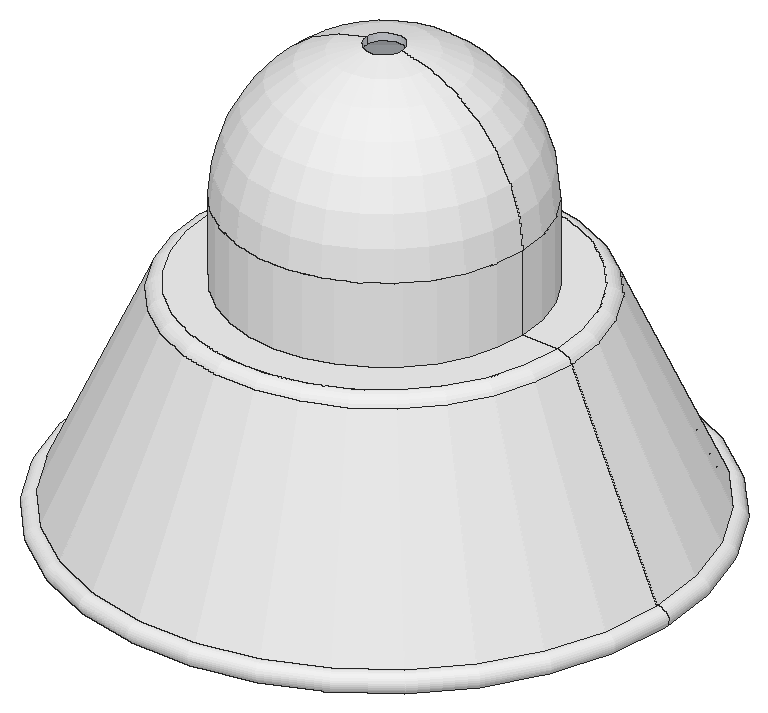
Revit family "SBH08 SHADE", category Lighting Fixtures, Revit 2024
Family settings
  Round Connector Dimension = Use Diameter
  Part Type = Normal
  OmniClass Number = 23.80.70.00
  OmniClass Title = Lighting
  Work Plane-Based = No
  Always vertical = Yes
  Cut with Voids When Loaded = No
  Light Source = Yes
  Maintain Annotation Orientation = No
  Shared = No
  Room Calculation Point = No
Parameters
  Wattage = 12.1178 W
  built-in parameter 1150110 = 1 (stored number, unit not read)
  built-in parameter 1114217 = 1 (stored number, unit not read)
  built-in parameter 1150109 = 1 (stored number, unit not read)
  built-in parameter 1150134 = (empty or 0)
  built-in parameter 1150113 = 1 (stored number, unit not read)
  Lumens = 1800 lm
  built-in parameter 1150115 = 1 (stored number, unit not read)
  built-in parameter 1150105 = 572.96 (stored number, unit not read)
  Light Source Symbol Size = 2' - 0"
  built-in parameter 1150137 = (empty or 0)
  built-in parameter 1150139 = (empty or 0)
  built-in parameter 1150112 = 1 (stored number, unit not read)
  built-in parameter 1150114 = 1 (stored number, unit not read)
  built-in parameter 1150132 = 2
  built-in parameter 1150102 = (empty or 0)
  built-in parameter 1150138 = (empty or 0)
  built-in parameter 1150107 = 3000 (stored number, unit not read)
  built-in parameter 1150106 = 5.7296 (stored number, unit not read)
  built-in parameter 1150104 = 13.8 (stored number, unit not read)
  Dimming Lamp Color Temperature Shift = (empty or 0)
  Default Elevation = 0' - 0"
  Color Filter = 16777215
  built-in parameter 1114218 = 1 (stored number, unit not read)
  built-in parameter 1150133 = 10 (stored number, unit not read)
Reference planes (in)
  plane 1 "Light Source Axis (F/B)": y = 0
  plane 2: z = 0
  plane 3 "Light Source Axis (L/R)": x = 0
  plane 4 "Light Source Elevation": z = 84
Forms (in)
  Revolve 1, solid
    sketch origin (0, 0, 0) x (1, 0, 0) y (0, 0, 1)
      loop
        arc (-0.25, 89.98384) -> (-1.45857, 89.33991) -> (-1.94152, 88.05848) r 1.94152
        line (-1.94152, 88.05848) -> (-1.94152, 87) -> (-2.44152, 87)
        arc (-2.44152, 87) -> (-2.55623, 86.96383) -> (-2.62946, 86.8684) r 0.2
        line (-2.62946, 86.8684) -> (-3.82769, 84.25)
        arc (-3.82769, 84.25) -> (-3.95286, 84.02396) -> (-3.75306, 84.18779) r 0.13154
        line (-3.75306, 84.18779) -> (-2.5424, 86.83335)
        arc (-2.5424, 86.83335) -> (-2.50375, 86.88612) -> (-2.44152, 86.90625) r 0.10625
        line (-2.44152, 86.90625) -> (-1.84777, 86.90625) -> (-1.84777, 88.05848)
        arc (-1.84777, 88.05848) -> (-1.39215, 89.27345) -> (-0.25, 89.88926) r 1.84777
        line (-0.25, 89.88926) -> (-0.25, 89.98384)
      axis (0, 89.98384) -> (0, 84.18779)
    angle from 0 to 360
Dimensions and locks (in)
  aligned and locked: plane 3 "Light Source Axis (L/R)" to imposter light
  aligned and locked: plane 1 "Light Source Axis (F/B)" to imposter light
  aligned and locked: plane 4 "Light Source Elevation" to imposter light
  aligned and locked: level to plane 2
